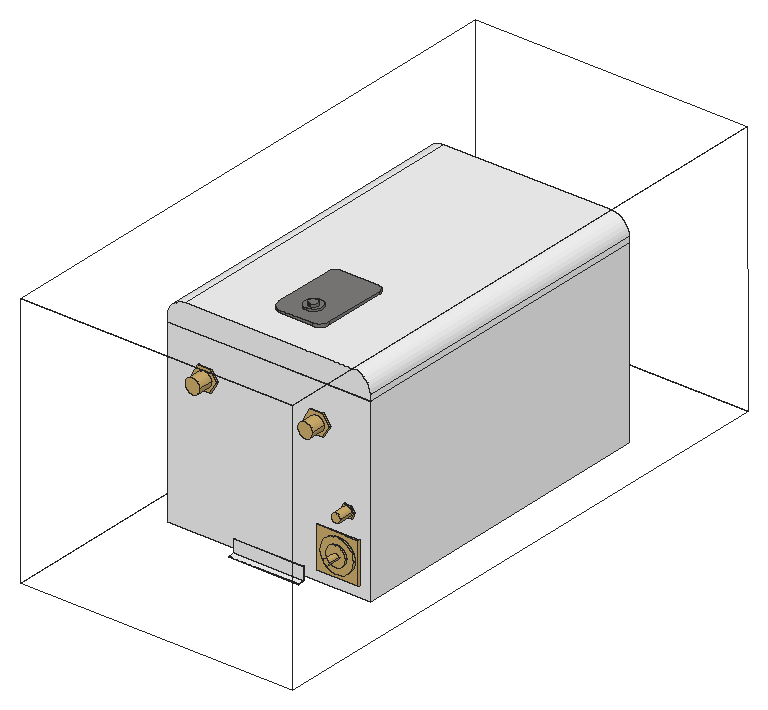
Revit family "Water_Boiler-Navien-NFB-Condensing-NFB-175-02", category Mechanical Equipment, host Face, Revit 2016
Family settings
  Host = Face
  Part Type = Normal
  Round Connector Dimension = Use Diameter
  OmniClass Number = 23.65.35.11
  OmniClass Title = Supply Water Heaters
  Cut with Voids When Loaded = No
  Shared = No
  Room Calculation Point = No
Parameters (values of type "NFB-175")
  Width = 1' - 5 77/256"  # constant formula
  Wi-Fi Ready = "NaviLink Wi‑Fi Control: This add-on accessory enables access to control temperatures remotely, access usage data and receive diagnostic notifications via smartphone or tablet."  # constant formula
  Weight = 123.00 lbf  # constant formula
  Water Pressure = "12–80 psi"  # constant formula
  Warranty Note = "Heat Exchangers: 15 years limited warranty (Residential), 10 years (Commercial) | Parts: 5 years (Residential), 3 years (Commercial) | Labor: 1 year (Residential), 1 year (Commercial)"  # constant formula
  Warranty = "https://www.navieninc.com/warranties"
  Voltage = 120 V
  Version = "2016 - v1.0.a"  # constant formula
  Venting Type = "Forced draft direct vent"  # constant formula
  Venting = if(and([2" Exhaust/Intake], [3" Exhaust/Intake]), "Select one Vent Option", if([2" Exhaust/Intake], "PVC, CPVC, PP | Size (2in) | Length (60 ft)", if([3" Exhaust/Intake], "PVC, CPVC, PP | Size (3in) | Length (150 ft)", "Select Vent Option")))  # "PVC, CPVC, PP | Size (2in) | Length (60 ft)"
  URL = "https://www.navieninc.com"
  Propane Gas Supply Pressure = "8.0\" to 13.5\" WC"  # constant formula
  Propane Gas Manifold Pressure = "-0.10\" to -0.68\" WC"  # constant formula
  Product Page URL = "https://www.navieninc.com/products/nfb-175"
  Product Name = "NFB Series Condensing Boiler"  # constant formula
  Product Documentation Link = "https://www.navieninc.com/downloads/navien-nfb-quickfacts-en"
  Power Factor = 1
  Phase = 1
  Number of Poles = 1
  Natural Gas Supply Pressure = "3.5\" to 10.5\" WC"  # constant formula
  Natural Gas Manifold Pressure = "-0.05\" to -0.70\" WC"  # constant formula
  Model = "NFB-175"  # constant formula
  Material = ""
  Manufacturer Phone Number = "(949) 420-0420"  # constant formula
  Manufacturer Fax Number = "(949) 420-0430"  # constant formula
  Manufacturer Address = "20 Goodyear, Irvine, CA 92618"  # constant formula
  Manufacturer = "Navien, Inc."  # constant formula
  Keynote = "22 33 00.A1"
  Intake = if([2" Exhaust/Intake], 2", 3")  # 2"
  Installation Type = "Indoor Wall-Hung"  # constant formula
  Ignition = "Electronic ignition"  # constant formula
  Hot Water Outlet = 1 1/4"  # constant formula
  Height = 2' - 3 77/128"  # constant formula
  Heating Capacity Note = "17,500–175,000(BTU/H)"  # constant formula
  Heating Capacity = 175000.0 Btu/h
  Gas Inlet = 3/4"  # constant formula
  Frequency = 60 Hz
  Flow Rate = 0 GPM
  Finish = Metal - Navien - White
  Exhaust = if([2" Exhaust/Intake], 2", 3")  # 2"
  Description = "NFB High-Efficiency Condensing Fire Tube Boiler"  # constant formula
  Depth = 1' - 5 77/256"  # constant formula
  Default Elevation = 4' - 0"
  Cold Water Inlet = 1 1/4"  # constant formula
  Certifications = "Energy Star | AHRI | CSA | ASME | CSA Blue Star | CSA Blue Flame"  # constant formula
  3" Exhaust/Intake = not([2" Exhaust/Intake])  # no
  2" Exhaust/Intake = yes
  Copyright = "All contents copyright © Navien Inc."  # constant formula
  Clearance [instance] = yes
  Assembly Code = "D3010500"
  Apparent Load = 0 VA
Reference planes (in)
  plane 1 "Center (Elevation)": y = 0
  plane 2: z = 0
  plane 3 "Center (Left/Right)": x = 0
  plane 4 "Top": y = 16.12695
  plane 5 "Left": x = -10.28125
  plane 6 "Bottom": y = -11.47461
  plane 7 "Right": x = 7.01953
  plane 8: z = 17.70078
  plane 9 "Center (Front/Back)": z = 8.85039
  plane 10: y = 18.79695
  plane 11: z = 0.4
  plane 12: x = -1.63086
  plane 13 "Condensate Outlet 1": z = 3.0018
  plane 14 "Condensate Outlet 2": x = 4.31875
  plane 15: z = 12.5
  plane 16 "Heating Supply": x = -7.08125
  plane 17 "Heating Return": x = 2.51875
  plane 18 "Gas Connection": z = 6.7
  plane 19: y = 2.32617
  plane 20: z = 21.70078
  plane 21: z = -0.1
Forms (in)
  Extrusion 1, solid, material "Metal - Navien - White" <- "Finish", detail levels medium+fine
    sketch origin (0, 0, 0) x (0, 1, 0) y (0, 0, 1)
      loop
        line (-11.4781, 1.12877) -> (-11.52126, 1.12877) -> (-11.52126, 0.04724) -> (-12.09194, 0.04724) -> (-12.09194, 0) -> (-11.4781, 0) -> (-11.4781, 1.12877)
    from -4.58124 to 1.3703
  Extrusion 2, solid, material "Metal - Navien - White" <- "Finish", detail levels medium+fine
    sketch origin (0, 0, 0) x (1, 0, 0) y (0, 0, 1)
      loop
        line (-10.28125, 15.75) -> (7.01953, 15.75) -> (7.01953, 16.2125)
        arc (7.01953, 16.2125) -> (6.58362, 17.26487) -> (5.53125, 17.70078) r 1.48828
        line (5.53125, 17.70078) -> (-8.78125, 17.70078)
        arc (-8.78125, 17.70078) -> (-9.84191, 17.26144) -> (-10.28125, 16.20078) r 1.5
        line (-10.28125, 16.20078) -> (-10.28125, 15.75)
    from -16.12695 to 11.47461
  Extrusion 3, solid, material "Metal - Navien - Brass, Soft Yellow"
    sketch origin (-3.25, 0, 0) x (-1, 0, 0) y (0, 0, -1)
      loop
        circle (4.99187, -12.56948) r 0.66749
    from -17.42437 to -16.12695
  Extrusion 4, solid, material "Metal - Navien - Black", detail levels medium+fine
    sketch origin (0, 19.32383, 5.90687) x (0, 1, 0) y (-1, 0, 0)
      loop
        arc (-21.15746, 3.16493) -> (-21.34721, 3.62302) -> (-21.80529, 3.81276) r 0.64783
        line (-21.80529, 3.81276) -> (-27.01433, 3.81276)
        arc (-27.01433, 3.81276) -> (-27.64587, 3.55117) -> (-27.90746, 2.91963) r 0.89314
        line (-27.90746, 2.91963) -> (-27.90746, 0.1692)
        arc (-27.90746, 0.1692) -> (-27.68779, -0.36113) -> (-27.15746, -0.5808) r 0.75
        line (-27.15746, -0.5808) -> (-21.78679, -0.5808)
        arc (-21.78679, -0.5808) -> (-21.34179, -0.39648) -> (-21.15746, 0.04853) r 0.62933
        line (-21.15746, 0.04853) -> (-21.15746, 3.16493)
    from 11.79391 to 12
  Extrusion 5, solid, material "Metal - Navien - Black", detail levels medium+fine
    sketch origin (0, 19.32383, 4.3925) x (0, 1, 0) y (-1, 0, 0)
      loop
        circle (-26.04399, 1.63904) r 0.38018
    from 13.51437 to 13.80828
  Extrusion 6, solid, material "Metal - Navien - Black", detail levels medium+fine
    sketch origin (0, 19.32383, 4.3925) x (0, 1, 0) y (-1, 0, 0)
      loop
        circle (-26.03131, 1.6317) r 0.75
    from 13.30828 to 13.64814
  Extrusion 7, solid, material "Metal - Navien - White" <- "Finish", detail levels medium+fine
    sketch origin (-3.37047, -180, 9.44422) x (0, 0, 1) y (0, -1, 0)
      loop
        line (6.30578, -168.59281) -> (6.25519, -168.59281) -> (6.25519, -168.52539) -> (-9.04422, -168.52539) -> (-9.04422, -196.12695) -> (6.25519, -196.12695) -> (6.25519, -196.09016) -> (6.30578, -196.09016) -> (6.30578, -168.59281)
    from -6.91078 to 10.39
  Extrusion 8, solid, material "Metal - Navien - Brass, Soft Yellow"
    sketch origin (0, 0, 0) x (1, 0, 0) y (0, 0, 1)
      loop
        line (-7.61818, 13.42102) -> (-8.17158, 12.5) -> (-7.55826, 11.62408) -> (-6.55826, 11.62408) -> (-5.97074, 12.60186) -> (-6.54432, 13.42102) -> (-7.61818, 13.42102)
      loop
        line (1.98182, 13.42102) -> (1.42842, 12.5) -> (2.04174, 11.62408) -> (3.04174, 11.62408) -> (3.62926, 12.60186) -> (3.05568, 13.42102) -> (1.98182, 13.42102)
      loop
        line (4.85542, 7.17504) -> (4.62132, 6.71558) -> (4.84406, 6.21528) -> (5.49115, 6.21528) -> (5.70898, 6.73123) -> (5.40013, 7.17504) -> (4.85542, 7.17504)
      loop
        line (2.57445, 4.80111) -> (2.57445, 1.30111) -> (6.07445, 1.30111) -> (6.07445, 4.80111) -> (2.57445, 4.80111)
    from 11.47461 to 11.59257
  Extrusion 9, solid, material "Metal - Navien - Brass, Soft Yellow"
    sketch origin (0, 0, 0) x (1, 0, 0) y (0, 0, 1)
      loop
        circle (-7.08466, 12.49537) r 0.625
      loop
        circle (2.51875, 12.5) r 0.625
      loop
        circle (5.13524, 6.7) r 0.375
      loop
        circle (4.32126, 3.04987) r 0.25
    from 11.47461 to 12.78461
  Extrusion 10, solid, material "Metal - Navien - Brass, Soft Yellow", detail levels medium+fine
    sketch origin (0.1875, 0, -0.0625) x (1, 0, 0) y (0, 0, 1)
      loop
        circle (4.17616, 3.13101) r 1.42959
    from 11.59257 to 11.73334
  Extrusion 11, solid, material "Metal - Navien - Brass, Soft Yellow", detail levels medium+fine
    sketch origin (0.1875, 0, -0.0625) x (1, 0, 0) y (0, 0, 1)
      loop
        circle (4.15906, 3.14811) r 0.83408
    from 11.73334 to 11.841
  Extrusion 12, solid, material "Metal - Navien - Brass, Soft Yellow", detail levels medium+fine
    sketch origin (0, 0, 0) x (1, 0, 0) y (0, 0, 1)
      loop
        arc (-8.70931, 11.36209) -> (-8.24187, 11.46877) -> (-7.77443, 11.36209) r 1.07739
        arc (-7.77443, 11.36209) -> (-6.94715, 12.56948) -> (-7.77443, 13.77688) r 1.29472
        arc (-7.77443, 13.77688) -> (-8.24187, 13.67019) -> (-8.70931, 13.77688) r 1.07739
        arc (-8.70931, 13.77688) -> (-9.53659, 12.56948) -> (-8.70931, 11.36209) r 1.29472
    from -16.12695 to -16.43192
  Extrusion 13, solid, material "Metal - Navien - White" <- "Finish", detail levels coarse
    sketch origin (0, 19.32383, 4.3925) x (0, 1, 0) y (-1, 0, 0)
      loop
        line (-3.19688, 10.28125) -> (-30.79844, 10.28125) -> (-30.79844, -7.01953) -> (-3.19688, -7.01953) -> (-3.19688, 10.28125)
    from -3.9925 to 13.30828
  Extrusion 14, solid, material "Clearances - Navien", visible <- "Clearance"
    sketch origin (0, 19.32383, 4.3925) x (0, 1, 0) y (-1, 0, 0)
      loop
        line (5.80312, 13.28125) -> (-42.79844, 13.28125) -> (-42.79844, -10.01953) -> (5.80312, -10.01953) -> (5.80312, 13.28125)
    from -4.4925 to 17.30828
Cuts and joins
  joined: Extrusion 4, Extrusion 5, Extrusion 6
  joined: Extrusion 8, Extrusion 9
Lines and regions (in)
  Split face 1
    outline origin (0, 19.32383, 17.90687) x (0, 1, 0) y (-1, 0, 0)
      loop
        line (-22.00951, 2.94276) -> (-23.25951, 2.94276) -> (-23.25951, 0.19276) -> (-22.00951, 0.19276) -> (-22.00951, 2.94276)
  Split face 2
    outline origin (0, 19.32383, 17.90687) x (0, 1, 0) y (-1, 0, 0)
      loop
        circle (-26.06161, 1.63904) r 1
  Split face 3
    outline origin (-3.16493, -1.83363, 17.90687) x (-1, 0, 0) y (0, -1, 0)
      loop
        line (-0.40505, 2.81895) -> (-0.40505, 3.1715) -> (-2.77222, 3.1715) -> (-2.77222, 2.81895) -> (-0.40505, 2.81895)
  Split face 4
    outline origin (-3.16493, -1.83363, 17.90687) x (-1, 0, 0) y (0, -1, 0)
      loop
        line (-2.97217, 2.10205) -> (-2.97217, 0.85205) -> (-0.22217, 0.85205) -> (-0.22217, 2.10205) -> (-2.97217, 2.10205)
  Split face 5
    outline origin (-3.16493, -1.83363, 17.90687) x (-1, 0, 0) y (0, -1, 0)
      loop
        circle (-1.52589, 4.90415) r 1
  model lines, style "Clearance", visible <- "Clearance"
    curve 1: line (-13.28125, 25.12695, -0.1) -> (-13.28125, -23.47461, -0.1)
    curve 2: line (-13.28125, -23.47461, -0.1) -> (10.01953, -23.47461, -0.1)
    curve 3: line (10.01953, -23.47461, -0.1) -> (10.01953, 25.12695, -0.1)
    curve 4: line (10.01953, 25.12695, -0.1) -> (-13.28125, 25.12695, -0.1)
    curve 5: line (10.01953, 25.12695, 21.70078) -> (10.01953, -23.47461, 21.70078)
    curve 6: line (10.01953, -23.47461, 21.70078) -> (-13.28125, -23.47461, 21.70078)
    curve 7: line (-13.28125, -23.47461, 21.70078) -> (-13.28125, 25.12695, 21.70078)
    curve 8: line (-13.28125, 25.12695, 21.70078) -> (10.01953, 25.12695, 21.70078)
    curve 9: line (10.01953, 25.12695, 21.70078) -> (10.01953, 25.12695, -0.1)
    curve 10: line (-13.28125, 25.12695, 21.70078) -> (-13.28125, 25.12695, -0.1)
    curve 11: line (10.01953, -23.47461, 21.70078) -> (10.01953, -23.47461, -0.1)
    curve 12: line (-13.28125, -23.47461, 21.70078) -> (-13.28125, -23.47461, -0.1)
Dimensions and locks (in)
  plane 5 "Left" to plane 3 "Center (Left/Right)" to plane 7 "Right" = 0' - 10 9/32", 0' - 7 5/256"
  "Width": plane 5 "Left" to plane 7 "Right"
  "Height": plane 4 "Top" to plane 6 "Bottom"
  "Depth": plane 8 to plane 11
  equal spacing: plane 8, plane 9 "Center (Front/Back)", level
  locked: plane 10 to plane 4 "Top" at 2.67
  locked: plane 11 to plane 2 at 0.4
  equal spacing: plane 7 "Right", plane 12, plane 5 "Left"
  locked: plane 13 "Condensate Outlet 1" to plane 11 at 2.6018
  locked: plane 14 "Condensate Outlet 2" to plane 7 "Right" at 2.70078
  locked: plane 8 to plane 15 at 5.20078
  plane 17 "Heating Return" to plane 16 "Heating Supply" to plane 5 "Left" = 0' - 9.6" locked, 0' - 3.2" locked
  locked: plane 18 "Gas Connection" to plane 11 at 6.3
  host face to plane 9 "Center (Front/Back)" = 0' - 8.85039"  (x2)
  locked: host sketch curve to plane 9 "Center (Front/Back)" at 8.85039  (x24)
  locked: Extrusion 1 to plane 9 "Center (Front/Back)" at 7.72162  (x2)
  locked: Extrusion 1 to plane 9 "Center (Front/Back)" at 8.80315  (x2)
  locked: Extrusion 1 to plane 9 "Center (Front/Back)" at 8.85039  (x2)
  locked: Extrusion 1 sketch curve to plane 9 "Center (Front/Back)" at 8.85039  (x10)
  locked: Extrusion 1 sketch curve to plane 9 "Center (Front/Back)" at 8.80315  (x10)
  locked: Extrusion 1 sketch curve to plane 9 "Center (Front/Back)" at 7.72162  (x10)
  locked: Extrusion 1 to level at 1.12877  (x2)
  locked: Extrusion 1 to level at 0.04724  (x2)
  locked: Extrusion 1 sketch curve to level at 0.04724  (x10)
  locked: Extrusion 1 sketch curve to level at 1.12877  (x10)
  locked: Extrusion 2 to plane 9 "Center (Front/Back)" at 8.85039  (x2)
  locked: Extrusion 2 to plane 9 "Center (Front/Back)" at 6.89961  (x2)
  locked: Extrusion 2 sketch curve to plane 9 "Center (Front/Back)" at 6.89961  (x10)
  locked: Extrusion 2 sketch curve to plane 9 "Center (Front/Back)" at 7.36211  (x4)
  locked: Extrusion 2 sketch curve to plane 9 "Center (Front/Back)" at 8.85039  (x10)
  locked: Extrusion 2 sketch curve to plane 9 "Center (Front/Back)" at 7.35039  (x4)
  locked: Extrusion 2 to level at 17.70078  (x2)
  locked: Extrusion 2 to level at 15.75  (x2)
  locked: Extrusion 2 sketch curve to level at 15.75  (x10)
  locked: Extrusion 2 sketch curve to level at 16.2125  (x4)
  locked: Extrusion 2 sketch curve to level at 17.70078  (x10)
  locked: Extrusion 2 sketch curve to level at 16.20078  (x4)
  locked: Extrusion 4 sketch curve to plane 9 "Center (Front/Back)" at 2.94352  (x48)
  locked: Extrusion 4 sketch curve to level at 5.90687  (x48)
  locked: Extrusion 5 sketch curve to plane 9 "Center (Front/Back)" at 4.45789  (x4)
  locked: Extrusion 5 sketch curve to level at 4.3925  (x4)
  locked: Extrusion 6 sketch curve to plane 9 "Center (Front/Back)" at 4.45789  (x4)
  locked: Extrusion 6 sketch curve to level at 4.3925  (x4)
  locked: Extrusion 7 to plane 9 "Center (Front/Back)" at 6.89961  (x2)
  locked: Extrusion 7 to plane 9 "Center (Front/Back)" at 6.84902  (x4)
  locked: Extrusion 7 to plane 9 "Center (Front/Back)" at 8.45039  (x2)
  locked: Extrusion 7 sketch curve to plane 9 "Center (Front/Back)" at 6.89961  (x10)
  locked: Extrusion 7 sketch curve to plane 9 "Center (Front/Back)" at 6.84902  (x20)
  locked: Extrusion 7 sketch curve to plane 9 "Center (Front/Back)" at 8.45039  (x10)
  locked: Extrusion 7 to level at 15.75  (x2)
  locked: Extrusion 7 to level at 15.69941  (x4)
  locked: Extrusion 7 to level at 0.4  (x2)
  locked: Extrusion 7 sketch curve to level at 15.75  (x10)
  locked: Extrusion 7 sketch curve to level at 15.69941  (x20)
  locked: Extrusion 7 sketch curve to level at 0.4  (x10)
  locked: Extrusion 8 sketch curve to plane 9 "Center (Front/Back)" at 4.57063  (x20)
  locked: Extrusion 8 sketch curve to plane 9 "Center (Front/Back)" at 3.75147  (x8)
  locked: Extrusion 8 sketch curve to plane 9 "Center (Front/Back)" at 2.77369  (x20)
  locked: Extrusion 8 sketch curve to plane 9 "Center (Front/Back)" at 3.64961  (x8)
  locked: Extrusion 8 sketch curve to plane 9 "Center (Front/Back)" at 2.11916  (x4)
  locked: Extrusion 8 sketch curve to plane 9 "Center (Front/Back)" at 1.67535  (x10)
  locked: Extrusion 8 sketch curve to plane 9 "Center (Front/Back)" at 2.63511  (x10)
  locked: Extrusion 8 sketch curve to plane 9 "Center (Front/Back)" at 2.13481  (x4)
  locked: Extrusion 8 sketch curve to plane 9 "Center (Front/Back)" at 4.04928  (x10)
  locked: Extrusion 8 sketch curve to plane 9 "Center (Front/Back)" at 7.54928  (x10)
  locked: Extrusion 8 sketch curve to level at 13.42102  (x20)
  locked: Extrusion 8 sketch curve to level at 12.60186  (x8)
  locked: Extrusion 8 sketch curve to level at 11.62408  (x20)
  locked: Extrusion 8 sketch curve to level at 12.5  (x8)
  locked: Extrusion 8 sketch curve to level at 6.73123  (x4)
  locked: Extrusion 8 sketch curve to level at 7.17504  (x10)
  locked: Extrusion 8 sketch curve to level at 6.21528  (x10)
  locked: Extrusion 8 sketch curve to level at 6.71558  (x4)
  locked: Extrusion 8 sketch curve to level at 4.80111  (x10)
  locked: Extrusion 8 sketch curve to level at 1.30111  (x10)
  plane 6 "Bottom" to Extrusion 1 sketch curve to Extrusion 1 sketch curve to Extrusion 1 sketch curve = 0' - 0.00349" locked, 0' - 0.04316" locked, 0' - 0.57068" locked
  locked: plane 8 to Extrusion 2 sketch curve at 1.95078
  locked: plane 6 "Bottom" to cut or joined group of Extrusion 8, Extrusion 9 at 1.31
  plane 6 "Bottom" to cut or joined group of Extrusion 8, Extrusion 9 to Extrusion 10 to Extrusion 11 = 0' - 0.11796" locked, 0' - 0.14077" locked, 0' - 0.10765" locked
  locked: Extrusion 11 sketch curve to plane 13 "Condensate Outlet 1" at 0.91788
  locked: plane 14 "Condensate Outlet 2" to Extrusion 11 sketch curve at 0.86189
  locked: Extrusion 10 sketch curve to plane 14 "Condensate Outlet 2" at 1.38468
  locked: plane 13 "Condensate Outlet 1" to Extrusion 10 sketch curve at 1.36287
  locked: plane 13 "Condensate Outlet 1" to Extrusion 9 sketch curve at 0.20193
  locked: plane 14 "Condensate Outlet 2" to Extrusion 9 sketch curve at 0.25251
  Extrusion 8 sketch curve to Extrusion 8 sketch curve to Extrusion 8 sketch curve to Extrusion 8 sketch curve to Extrusion 8 sketch curve to Extrusion 8 sketch curve to Extrusion 8 sketch curve to Extrusion 8 sketch curve to Extrusion 8 sketch curve to Extrusion 8 sketch curve to Extrusion 8 sketch curve to Extrusion 8 sketch curve to Extrusion 8 sketch curve to Extrusion 8 sketch curve to plane 12 to Extrusion 8 sketch curve to Extrusion 8 sketch curve to Extrusion 8 sketch curve to Extrusion 8 sketch curve to Extrusion 8 sketch curve to Extrusion 8 sketch curve = 0' - 0.36546" locked, 0' - 0.21784" locked, 0' - 0.09101" locked, 0' - 0.54471" locked, 0' - 0.01136" locked, 0' - 0.22275" locked, 0' - 0.99206" locked, 0' - 0.57358" locked, 0' - 0.01394" locked, 0' - 0.4673" locked, 0' - 0.5327" locked, 0' - 0.05993" locked, 0' - 0.5534" locked, 0' - 3.05928" locked, 0' - 4.33988" locked, 0' - 0.57358" locked, 0' - 0.01394" locked, 0' - 1" locked, 0' - 0.05993" locked, 0' - 0.5534" locked
  Extrusion 8 sketch curve to Extrusion 8 sketch curve to Extrusion 8 sketch curve to Extrusion 8 sketch curve to Extrusion 8 sketch curve to Extrusion 8 sketch curve to Extrusion 8 sketch curve to Extrusion 8 sketch curve to Extrusion 8 sketch curve to Extrusion 8 sketch curve to Extrusion 8 sketch curve to Extrusion 8 sketch curve to Extrusion 8 sketch curve to Extrusion 8 sketch curve to plane 11 = 0' - 0" locked, 0' - 0.81915" locked, 0' - 0" locked, 0' - 0.10186" locked, 0' - 0" locked, 0' - 0.87592" locked, 0' - 0" locked, 0' - 4.44903" locked, 0' - 0.44382" locked, 0' - 0.01565" locked, 0' - 0.5003" locked, 0' - 1.41417" locked, 0' - 3 1/2", 0' - 0.90111"
  locked: Extrusion 7 sketch curve to plane 6 "Bottom" at 0.06742
  locked: plane 12 to Extrusion 6 sketch curve at 0.74916
  locked: plane 6 "Bottom" to Extrusion 6 sketch curve at 4.01714
  equal spacing: plane 4 "Top", plane 19, plane 6 "Bottom"
  locked: plane 12 to Extrusion 5 sketch curve at 0.37199
  locked: plane 19 to Extrusion 5 sketch curve at 9.4265
  Extrusion 4 sketch curve to Extrusion 4 sketch curve to Extrusion 4 sketch curve to plane 12 to Extrusion 4 sketch curve to Extrusion 4 sketch curve to Extrusion 4 sketch curve = 0' - 0.64783" locked, 0' - 0.24531" locked, 0' - 1.28877" locked, 0' - 1.46166" locked, 0' - 0.12067" locked, 0' - 0.62933" locked
  plane 6 "Bottom" to Extrusion 4 sketch curve to Extrusion 4 sketch curve to Extrusion 4 sketch curve to Extrusion 4 sketch curve to Extrusion 4 sketch curve to Extrusion 4 sketch curve = 0' - 2.89098" locked, 0' - 0 3/4" locked, 0' - 0.14314" locked, 0' - 5.20904" locked, 0' - 0.0185" locked, 0' - 0.62933" locked
  locked: plane 11 to nested 1 at 4.1
  locked: nested 1 to plane 5 "Left" at 13.5
  locked: plane 11 to nested 2 at 4.3
  locked: nested 2 to plane 5 "Left" at 3.8
  locked: plane 20 to plane 8 at 4
  locked: Extrusion 13 to plane 21 at 0.5
  locked: Extrusion 14 sketch curve to plane 5 "Left" at 3
  locked: plane 7 "Right" to Extrusion 14 sketch curve at 3
  locked: Extrusion 14 sketch curve to plane 4 "Top" at 9
  locked: Extrusion 14 sketch curve to plane 6 "Bottom" at 12
  locked: plane 12 to Extrusion 3 sketch curve at 6.61101
  locked: Extrusion 3 sketch curve to level at 12.56948
  plane 12 to Extrusion 12 sketch curve to Extrusion 12 sketch curve to Extrusion 12 sketch curve to Extrusion 12 sketch curve = 0' - 6.14357" locked, 0' - 0" locked, 0' - 0.93488" locked, 0' - 0" locked
  Extrusion 12 sketch curve to Extrusion 12 sketch curve to Extrusion 12 sketch curve to Extrusion 12 sketch curve to level = 0' - 0" locked, 0' - 2.41479" locked, 0' - 0" locked, 0' - 11.36209" locked
  Extrusion 13 sketch curve to plane 12 to Extrusion 13 sketch curve = 0' - 8.65039" locked, 0' - 8.65039" locked
  Extrusion 13 sketch curve to plane 19 to Extrusion 13 sketch curve = 1' - 1 205/256" locked, 1' - 1 205/256" locked
  aligned and locked: plane 2 to host face
  aligned and locked: level to host face
  aligned and locked: plane 4 "Top" to Extrusion 2
  aligned and locked: plane 6 "Bottom" to Extrusion 2
  aligned and locked: Extrusion 3 to plane 4 "Top"
  aligned and locked: Extrusion 4 to plane 8
  aligned and locked: Extrusion 6 to plane 8
  aligned and locked: Extrusion 7 to plane 5 "Left"
  aligned and locked: Extrusion 7 to plane 7 "Right"
  aligned and locked: Extrusion 8 to plane 6 "Bottom"
  aligned and locked: Extrusion 9 to plane 6 "Bottom"
  aligned and locked: Extrusion 2 sketch curve to plane 5 "Left"
  aligned and locked: Extrusion 2 sketch curve to plane 7 "Right"
  aligned and locked: plane 8 to Extrusion 2 sketch curve
  aligned and locked: Extrusion 7 sketch curve to plane 4 "Top"
  aligned and locked: plane 6 "Bottom" to Extrusion 7 sketch curve
  aligned and locked: plane 20 to Extrusion 14
  aligned and locked: Extrusion 14 to plane 21
  aligned and locked: plane 20 to curve 11
  aligned and locked: plane 20 to curve 12
  aligned and locked: plane 20 to curve 9
  aligned and locked: plane 20 to curve 10
Automatic sketch dimensions
  host sketch curve to host sketch curve = 3' - 11 9/32"
  host sketch curve to host sketch curve = 3' - 8"
  level to Extrusion 1 sketch curve = 0' - 0"
  plane 7 "Right" to Extrusion 2 sketch curve = 0' - 1 125/256"
  Extrusion 2 sketch curve to Extrusion 2 sketch curve = 0' - 0.45078"
  Split face 1 sketch curve to Extrusion 4 = 0' - 0.87"
  Split face 1 sketch curve to Extrusion 4 = 0' - 2.10205"
  Split face 1 sketch curve to Extrusion 4 = 0' - 0.85205"
  Split face 1 sketch curve to Extrusion 4 = 0' - 0.77356"
  Split face 2 sketch curve to Extrusion 4 = 0' - 1.84585"
  Split face 2 sketch curve to Extrusion 4 = 0' - 2.17372"
  Split face 3 sketch curve to cut or joined group of Extrusion 4, Extrusion 5, Extrusion 6 = 0' - 0.97352"
  Split face 3 sketch curve to cut or joined group of Extrusion 4, Extrusion 5, Extrusion 6 = 0' - 1.05288"
  Split face 3 sketch curve to cut or joined group of Extrusion 4, Extrusion 5, Extrusion 6 = 0' - 2.81895"
  Split face 3 sketch curve to Split face 3 sketch curve = 0' - 0.35256"
  Extrusion 7 sketch curve to plane 4 "Top" = 0' - 0.03679"
  plane 7 "Right" to Extrusion 9 sketch curve = 0' - 1.88429"
  Extrusion 9 sketch curve to plane 9 "Center (Front/Back)" = 0' - 2.15039"
  plane 9 "Center (Front/Back)" to Extrusion 9 sketch curve = 0' - 3.64961"
  plane 9 "Center (Front/Back)" to Extrusion 9 sketch curve = 0' - 3.64498"
  plane 3 "Center (Left/Right)" to Extrusion 9 sketch curve = 0' - 2.51875"
  Extrusion 5 sketch curve to plane 12 = 0' - 0.00818"
  Extrusion 6 sketch curve to plane 12 = 0' - 0.00084"
  plane 5 "Left" to Extrusion 9 sketch curve = 0' - 3.19659"
  Extrusion 12 sketch curve to Extrusion 12 sketch curve = 0' - 0"
  Extrusion 12 sketch curve to plane 16 "Heating Supply" = 0' - 1.16062"
  Extrusion 12 sketch curve to Extrusion 12 sketch curve = 0' - 2.1781"
  Extrusion 12 sketch curve to Extrusion 12 sketch curve = 0' - 0.97071"
  Split face 4 sketch curve to cut or joined group of Extrusion 4, Extrusion 5, Extrusion 6 = 0' - 0.87"
  Split face 4 sketch curve to cut or joined group of Extrusion 4, Extrusion 5, Extrusion 6 = 0' - 0.85205"
  Split face 4 sketch curve to Split face 4 sketch curve = 0' - 1 1/4"
  Split face 4 sketch curve to cut or joined group of Extrusion 4, Extrusion 5, Extrusion 6 = 0' - 0.77356"
  Split face 5 sketch curve to Split face 5 sketch curve = 0' - 0"  (x2)
  Split face 5 sketch curve to cut or joined group of Extrusion 4, Extrusion 5, Extrusion 6 = 0' - 2.17372"
  Split face 5 sketch curve to cut or joined group of Extrusion 4, Extrusion 5, Extrusion 6 = 0' - 1.84585"
  Split face 5 sketch curve to Split face 5 sketch curve = 0' - 1"
  curve 5 to plane 7 "Right" = 0' - 3"
  plane 10 to curve 8 = 0' - 6.33"
  curve 7 to plane 5 "Left" = 0' - 3"
  plane 6 "Bottom" to curve 7 = 1' - 0"
  curve 11 to plane 21 = 0' - 0"
  curve 11 to plane 20 = 0' - 0"
  curve 12 to plane 21 = 0' - 0"
  curve 12 to plane 20 = 0' - 0"
  curve 11 to plane 7 "Right" = 0' - 3"
  curve 12 to plane 5 "Left" = 0' - 3"
  curve 10 to plane 20 = 0' - 0"
  curve 10 to plane 21 = 0' - 0"
  curve 9 to plane 21 = 0' - 0"
  curve 9 to plane 20 = 0' - 0"
  curve 10 to plane 5 "Left" = 0' - 3"
  curve 9 to plane 7 "Right" = 0' - 3"
  curve 2 to plane 7 "Right" = 0' - 3"
  plane 6 "Bottom" to curve 2 = 1' - 0"
  curve 2 to plane 5 "Left" = 0' - 3"
  plane 10 to curve 1 = 0' - 6.33"
  radius of Split face 2 sketch curve = 0' - 1"
  radius of Extrusion 9 sketch curve = 0' - 0 5/8"  (x2)
  radius of Extrusion 9 sketch curve = 0' - 0 3/8"
  radius of Extrusion 9 sketch curve = 0' - 0 1/4"
  radius of Extrusion 10 sketch curve = 0' - 1.42959"
  radius of Extrusion 11 sketch curve = 0' - 0.83408"
  radius of Extrusion 3 sketch curve = 0' - 0.66749"
Nested families (in)
  nested 1: "Intake_Exhaust" at (3.21875, 16.12695, 4.5) x (0, 0, -1) z (0, 1, 0), type "Intake_Exhaust"
  nested 2: "Intake_Exhaust" at (-6.48125, 16.12695, 4.7) x (0, 0, -1) z (0, 1, 0), type "Intake_Exhaust"
Connectors (in)
  piping at (-7.08466, -12.78461, 12.49537), diameter 1.25, driven by "Cold Water Inlet"
    settings: on cut or joined group of Extrusion 8, Extrusion 9, index 1, connector inside diameter 24", connector length 0' - 0", flow factor 0, pipe flow 0 GPM, pressure drop 0.00 psi, fitting loss kfactor 0, connector angle 0.00°, fixture units 0, engagement length 0' - 0", angle of deflection 0.00°, flow configuration 0, flow direction 1, fitting loss method 0, system type 20, joint type 0, gender type 0, connector reference index -1, connector utility 0, adjustable connector no, is connector primary yes, connector description "Heating Supply Connection"
  piping at (5.13524, -12.78461, 6.7), diameter 0.75, driven by "Gas Inlet"
    settings: on cut or joined group of Extrusion 8, Extrusion 9, index 2, connector inside diameter 24", connector length 0' - 0", flow factor 0, pipe flow 0 GPM, pressure drop 0.00 psi, fitting loss kfactor 0, connector angle 0.00°, fixture units 0, engagement length 0' - 0", angle of deflection 0.00°, flow configuration 0, flow direction 1, fitting loss method 0, system type 22, joint type 0, gender type 0, connector reference index -1, connector utility 0, adjustable connector no, is connector primary no, connector description "Natural Gas Connection"
  piping at (2.51875, -12.78461, 12.5), diameter 1.25, driven by "Hot Water Outlet"
    settings: on cut or joined group of Extrusion 8, Extrusion 9, index 3, connector inside diameter 24", connector length 0' - 0", flow factor 0, pipe flow 0 GPM, pressure drop 0.00 psi, fitting loss kfactor 0, connector angle 0.00°, fixture units 0, engagement length 0' - 0", angle of deflection 0.00°, flow configuration 0, flow direction 2, fitting loss method 0, system type 19, joint type 0, gender type 0, connector reference index -1, connector utility 0, adjustable connector no, is connector primary no, connector description "Heating Return Connection"
  piping at (4.32126, -12.78461, 3.04987), diameter 0.5
    settings: on cut or joined group of Extrusion 8, Extrusion 9, index 7, connector inside diameter 24", connector length 0' - 0", flow factor 0, pipe flow 0 GPM, pressure drop 0.00 psi, fitting loss kfactor 0, connector angle 0.00°, fixture units 0, engagement length 0' - 0", angle of deflection 0.00°, flow configuration 0, flow direction 0, fitting loss method 0, system type 7, joint type 0, gender type 0, connector reference index -1, connector utility 0, adjustable connector no, is connector primary no, connector description "Condensate Outlet Connection"
  hvac at (3.21875, 18.24138, 4.5), driven by "Exhaust"
    settings: on nested 1, index 8, duct flow 0 CFM, flow factor 0, pres drop 0.00 in-wg, loss coef 0, conn angle 0.00°, conn width 12", conn height 12", conn diameter 2", duct sys type 3, conn prof type 0, flow config 0, flow direction 2, loss method 0, conn ref index -1, conn util no, is conn primary yes, conn desc "Exhaust Gas Vent Connection"
  hvac at (-6.48125, 18.24138, 4.7), driven by "Exhaust"
    settings: on nested 2, index 9, duct flow 0 CFM, flow factor 0, pres drop 0.00 in-wg, loss coef 0, conn angle 0.00°, conn width 12", conn height 12", conn diameter 2", duct sys type 4, conn prof type 0, flow config 0, flow direction 1, loss method 0, conn ref index -1, conn util no, is conn primary no, conn desc "Air Intake Connection"
  piping at (-8.24187, 17.42437, 12.56948), diameter 0.75
    settings: on Extrusion 3, index 10, connector inside diameter 24", connector length 0' - 0", flow factor 0, pipe flow 0 GPM, pressure drop 0.00 psi, fitting loss kfactor 0, connector angle 0.00°, fixture units 0, engagement length 0' - 0", angle of deflection 0.00°, flow configuration 0, flow direction 2, fitting loss method 0, system type 22, joint type 0, gender type 0, connector reference index -1, connector utility 0, adjustable connector no, is connector primary no, connector description "Pressure Relief Valve Connection"
  electrical at (-1.63086, 2.32617, 0.4), driven by "Power Factor", driven by "Apparent Load", driven by "Voltage", driven by "Number of Poles"
    settings: on Extrusion 7, index 11, voltage 120 V, apparent load 0 VA, apparent load phase1 0 VA, apparent load phase2 0 VA, apparent load phase3 0 VA, power factor 1, load classification "Other", number of poles 1, system type 31, power factor state 1, is connector primary yes, connector utility no, sub classification motor no, connector description "Electrical Connector"
Definition of nested family "Intake_Exhaust"
  Parameters (values of type "Intake_Exhaust")
    Finish = none
    Default Elevation = 4' - 0"
  Reference planes (in)
    plane 1 "Center (Front/Back)": y = 0
    plane 2: z = 0
    plane 3 "Center (Left/Right)": x = 0
    plane 4: x = -1.46602
    plane 5: x = 1.46602
    plane 6: y = -1.45577
    plane 7: y = 1.45577
  Forms (in)
    Extrusion 1, solid
      sketch origin (0, 0, 0) x (1, 0, 0) y (0, 1, 0)
        loop
          line (-48, 48) -> (-48, -48) -> (48, -48) -> (48, 48) -> (-48, 48)
      from 0 to -12
    Extrusion 2, solid, material <- "Finish", detail levels fine
      sketch origin (0, 0, 0) x (1, 0, 0) y (0, 1, 0)
        loop
          arc (0.9965, 1.70215) -> (0.51624, 1.90363) -> (0, 1.97239) r 1.97239
          arc (0, 1.97239) -> (-0.51624, 1.90363) -> (-0.9965, 1.70215) r 1.97239
          line (-0.9965, 1.70215) -> (-1.43788, 1.70215)
          arc (-1.43788, 1.70215) -> (-1.60414, 1.64015) -> (-1.6892, 1.48443) r 0.25391
          line (-1.6892, 1.48443) -> (-1.6892, 1.0183)
          arc (-1.6892, 1.0183) -> (-1.90027, 0.52847) -> (-1.97239, 0) r 1.97239
          arc (-1.97239, 0) -> (-1.90027, -0.52847) -> (-1.6892, -1.0183) r 1.97239
          line (-1.6892, -1.0183) -> (-1.6892, -1.48443)
          arc (-1.6892, -1.48443) -> (-1.60414, -1.64015) -> (-1.43788, -1.70215) r 0.25391
          line (-1.43788, -1.70215) -> (-0.9965, -1.70215)
          arc (-0.9965, -1.70215) -> (-0.51624, -1.90363) -> (0, -1.97239) r 1.97239
          arc (0, -1.97239) -> (0.51624, -1.90363) -> (0.9965, -1.70215) r 1.97239
          line (0.9965, -1.70215) -> (1.43788, -1.70215)
          arc (1.43788, -1.70215) -> (1.60414, -1.64015) -> (1.6892, -1.48443) r 0.25391
          line (1.6892, -1.48443) -> (1.6892, -1.0183)
          arc (1.6892, -1.0183) -> (1.90027, -0.52847) -> (1.97239, 0) r 1.97239
          arc (1.97239, 0) -> (1.90027, 0.52847) -> (1.6892, 1.0183) r 1.97239
          line (1.6892, 1.0183) -> (1.6892, 1.48443)
          arc (1.6892, 1.48443) -> (1.60414, 1.64015) -> (1.43788, 1.70215) r 0.25391
          line (1.43788, 1.70215) -> (0.9965, 1.70215)
      from 0 to 0.34785
    Extrusion 3, solid, material <- "Finish", detail levels fine
      sketch origin (0, 0, 0) x (1, 0, 0) y (0, 0, 1)
        loop
          line (-1.4392, 1.43851) -> (-1.57327, 1.43851) -> (-1.97024, 0.34785) -> (-1.4392, 0.34785) -> (-1.4392, 1.43851)
      from -0.0824 to 0.06448
    Extrusion 4, solid, material <- "Finish", detail levels fine
      sketch origin (0, 0, 0) x (-1, 0, 0) y (0, 0, -1)
        loop
          line (-1.4392, -1.43851) -> (-1.4392, -0.34785) -> (-1.97024, -0.34785) -> (-1.57327, -1.43851) -> (-1.4392, -1.43851)
      from -0.0824 to 0.06448
    Extrusion 5, solid, material <- "Finish", detail levels fine
      sketch origin (-0.01835, 0.01025, 0) x (0, 1, 0) y (0, 0, 1)
        loop
          line (-1.4624, 1.43851) -> (-1.58098, 1.43851) -> (-1.97795, 0.34785) -> (-1.4624, 0.34785) -> (-1.4624, 1.43851)
      from -0.06791 to 0.09876
    Extrusion 6, solid, material <- "Finish", detail levels fine
      sketch origin (-0.01835, -0.01025, 0) x (0, -1, 0) y (0, 0, -1)
        loop
          line (-1.4624, -1.43851) -> (-1.4624, -0.34785) -> (-1.97795, -0.34785) -> (-1.58098, -1.43851) -> (-1.4624, -1.43851)
      from -0.06791 to 0.09876
    Extrusion 7, solid, material <- "Finish", detail levels fine
      sketch origin (0, 0, 0) x (1, 0, 0) y (0, 1, 0)
        loop
          circle (0, 0) r 1.34645
        loop
          circle (0, 0) r 1.25
      from 0.17664 to 2.11443
    Extrusion 8, solid, material <- "Finish", detail levels fine
      sketch origin (0, 0, 0) x (1, 0, 0) y (0, 1, 0)
        loop
          circle (0, 0) r 1.5792
        loop
          circle (0, 0) r 1.34645
      from 0 to 1.4562
    Extrusion 9, solid, material <- "Finish", detail levels coarse+medium
      sketch origin (0, 0, 0) x (1, 0, 0) y (0, 1, 0)
        loop
          line (-1.6892, 1.70215) -> (-1.6892, -1.70215) -> (1.6892, -1.70215) -> (1.6892, 1.70215) -> (-1.6892, 1.70215)
      from 0 to 0.34785
    Extrusion 10, solid, material <- "Finish", detail levels medium
      sketch origin (0, 0, 0) x (1, 0, 0) y (0, 1, 0)
        loop
          circle (0, 0) r 1.97239
      from 0 to 0.34785
    Extrusion 11, solid, material <- "Finish", detail levels coarse+medium
      sketch origin (0, 0, 0) x (1, 0, 0) y (0, 1, 0)
        loop
          circle (0, 0) r 1.34645
      from 0.34785 to 2.11443
  Dimensions and locks (in)
    aligned and locked: plane 2 to Extrusion 1
    aligned and locked: level to Extrusion 1
